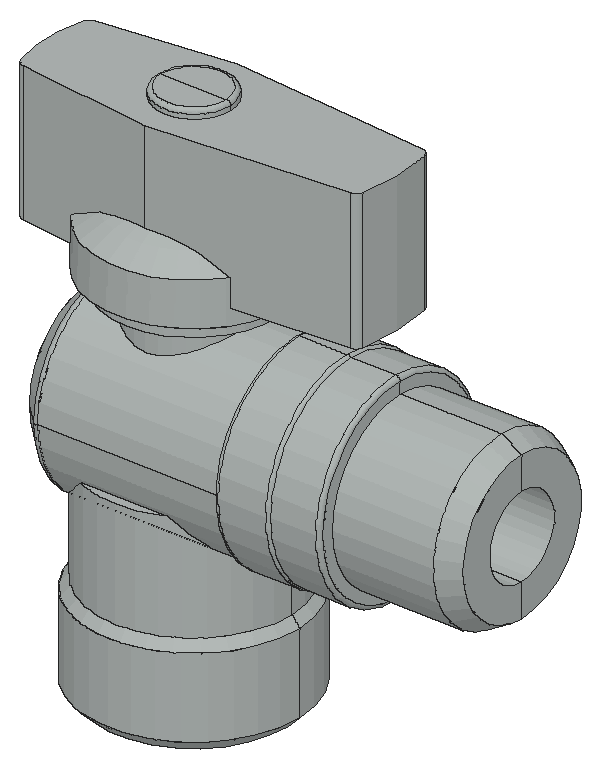
Revit family "QL20402099", category Apparecchi idraulici, Revit 2020
Family settings
  Quota connettore circolare = Usa diametro
  Tipo di parte = Normale
  Numero OmniClass = 23.45.00.00
  Titolo OmniClass = Sanitary, Laundry, and Cleaning Equipment
  Basato su piano di lavoro = No
  Sempre verticale = Sì
  Taglio con vuoti quando caricato = No
  Condiviso = No
  Punto di calcolo locali = No
Parameters
  URL = "https://web.cimberio.com/index.php/figura/463?subcategoria_id=74"
  Temperatura di esercizio = "-15 ÷ 65°C (servizio continuo) 90° (picchi di 1 h) secondo EN 13959"
  Prospetto di default = 0 mm
  Produttore = "CIMBERIO SPA"
  Pressione nominale = "PN 16"
  Modello = "Cim 39NR"
  Materiale = "Prodotto in lega di ottone conforme alla norma EN 12165-CW617N-DW"
  Descrizione = "Utilizzato nei più svariati settori dell'impiantistica: impianti di riscaldamento, condizionamento, idrici, igienico-sanitari, aria compressa e in generale con ogni fluido non corrosivo"
  DN [instance] = 10 mm
  Commenti sul tipo = "Realizzato in ottemperanza ai requisiti gestionali della norma EN ISO 9001.\r\nCollaudato al 100% secondo la normativa EN 12266-1"
Reference planes
  plane 1 "Centro (Fronte/Retro)": y = 0
  plane 2: z = 0
  plane 3 "Centro (Sinistra/Destra)": x = 0
Forms (mm)
  Revolve 1, solid, material "Cim_Lega di ottone"
    sketch origin (0, 0, 31) x (1, 0, 0) y (0, 1, 0)
      loop
        line (-13, 0) -> (-10.293, 0) -> (-10.293, 5) -> (12.5, 5) -> (12.5, 12) -> (-9.586, 12)
        arc (-9.586, 12) -> (-9.968, 11.924) -> (-10.293, 11.707) r 1
        line (-10.293, 11.707) -> (-12.707, 9.293)
        arc (-12.707, 9.293) -> (-12.924, 8.968) -> (-13, 8.586) r 1
        line (-13, 8.586) -> (-13, 0)
      axis (-13, 0) -> (12.5, 0)
    angle from 0 to 360
  Revolve 2, solid, material "Cim_Lega di ottone"
    sketch origin (0, 0, 0) x (1, 0, 0) y (0, 0, 1)
      loop
        line (-12, 25.68) -> (-12, 12.443) -> (-13, 11.289) -> (0, 11.289) -> (0, 25.68) -> (-12, 25.68)
      axis (0, 25.68) -> (0, 11.289)
    angle from 0 to 360
  Revolve 3, solid, material "Cim_Lega di ottone filetto OR"
    sketch origin (0, 0, 0) x (1, 0, 0) y (0, 0, 1)
      loop
        line (-5, 0) -> (-5, 11.289) -> (-13, 11.289) -> (-13, 1.5) -> (-11.5, 0) -> (-5, 0)
      axis (0, 0) -> (0, 11.289)
    angle from 0 to 360
  Revolve 4, solid, material "Cim_Lega di ottone"
    sketch origin (0, 0, 0) x (1, 0, 0) y (0, 0, 1)
      loop
        line (18.8, 43.5) -> (13, 43.5)
        arc (13, 43.5) -> (12.646, 43.354) -> (12.5, 43) r 0.5
        line (12.5, 43) -> (12.5, 36) -> (19.3, 36) -> (19.3, 43)
        arc (19.3, 43) -> (19.154, 43.354) -> (18.8, 43.5) r 0.5
      axis (12.5, 31) -> (19.3, 31)
    angle from 0 to 360
  Revolve 5, solid, material "Cim_Lega di ottone"
    sketch origin (0, 0, 0) x (1, 0, 0) y (0, 0, 1)
      loop
        line (24.8, 43.307) -> (18.446, 43.307) -> (18.446, 36) -> (25.3, 36) -> (25.3, 42.807)
        arc (25.3, 42.807) -> (25.154, 43.161) -> (24.8, 43.307) r 0.5
      axis (25.3, 31) -> (18.446, 31)
    angle from 0 to 360
  Revolve 6, solid, material "Cim_Lega di ottone filetto VER"
    sketch origin (0, 0, 0) x (1, 0, 0) y (0, 0, 1)
      loop
        line (25.3, 41.45) -> (25.3, 36) -> (40.3, 36) -> (40.3, 40.007) -> (37.8, 41.45) -> (25.3, 41.45)
      axis (40.3, 31) -> (25.3, 31)
    angle from 0 to 360
  Revolve 7, solid, material "Cim_Lega di ottone"
    sketch origin (0, 0, 0) x (1, 0, 0) y (0, 0, 1)
      loop
        line (-7.4, 51.099) -> (-7.4, 39.926) -> (0, 39.926) -> (0, 51.099) -> (-7.4, 51.099)
      axis (0, 51.099) -> (0, 39.926)
    angle from 0 to 360
  Revolve 8, solid, material "Cim_Lega di ottone"
    sketch origin (0, 0, 0) x (1, 0, 0) y (0, 0, 1)
      loop
        line (0, 44.55) -> (10.305, 44.55) -> (10.305, 45.495) -> (11.9, 46.416) -> (11.808, 51.69)
        arc (11.808, 51.69) -> (6.233, 54.612) -> (0, 55.483) r 18.394
        line (0, 55.483) -> (0, 44.55)
      axis (0, 55.483) -> (0, 44.55)
    angle from 0 to 360
  Revolve 9, solid, material "Cim_Lega di ottone"
    sketch origin (0, 0, 0) x (1, 0, 0) y (0, 0, 1)
      loop
        line (3.999, 66.35) -> (0, 66.35) -> (0, 64.191) -> (4.5, 64.191) -> (4.5, 65.85)
        arc (4.5, 65.85) -> (4.353, 66.204) -> (3.999, 66.35) r 0.5
      axis (0, 66.35) -> (0, 64.191)
    angle from 0 to 360
  Extrusion 10, solid, material "Cim_Lega di ottone"
    sketch origin (0, 0, 0) x (1, 0, 0) y (0, 1, 0)
      loop
        line (-0.625, 7.424) -> (-16.512, 5.5)
        arc (-16.512, 5.5) -> (-17.045, 5.265) -> (-17.356, 4.772) r 1
        arc (-17.356, 4.772) -> (-18, -0.042) -> (-17.334, -4.852) r 18
        arc (-17.334, -4.852) -> (-17.02, -5.343) -> (-16.487, -5.576) r 1
        line (-16.487, -5.576) -> (0, -7.5) -> (23.658, -5.5)
        arc (23.658, -5.5) -> (24.243, -5.247) -> (24.556, -4.691) r 1
        arc (24.556, -4.691) -> (25, 0) -> (24.556, 4.691) r 25
        arc (24.556, 4.691) -> (24.243, 5.247) -> (23.658, 5.5) r 1
        line (23.658, 5.5) -> (-0.625, 7.424)
    from 48.35 to 65.35
Dimensions and locks
  aligned and locked: level to plane 2
Connectors
  piping at (40.3, 0, 31), diameter 10, driven by "DN"
    settings: on Revolve 6, index 1, connector inside diameter 609.6 mm, connector length 0 mm, flow factor 0, pipe flow 0.0 L/s, pressure drop 0.0 Pa, fitting loss kfactor 0, connector angle 0.00°, fixture units 0, engagement length 0 mm, angle of deflection 0.00°, flow configuration 0, flow direction 0, fitting loss method 0, system type 7, joint type 0, gender type 0, connector reference index -1, connector utility 0, adjustable connector no, is connector primary yes, connector description ""
  piping at (0, 0, 0), diameter 10, driven by "DN"
    settings: on Revolve 3, index 2, connector inside diameter 609.6 mm, connector length 0 mm, flow factor 0, pipe flow 0.0 L/s, pressure drop 0.0 Pa, fitting loss kfactor 0, connector angle 0.00°, fixture units 0, engagement length 0 mm, angle of deflection 0.00°, flow configuration 0, flow direction 0, fitting loss method 0, system type 7, joint type 0, gender type 0, connector reference index -1, connector utility 0, adjustable connector no, is connector primary no, connector description ""
